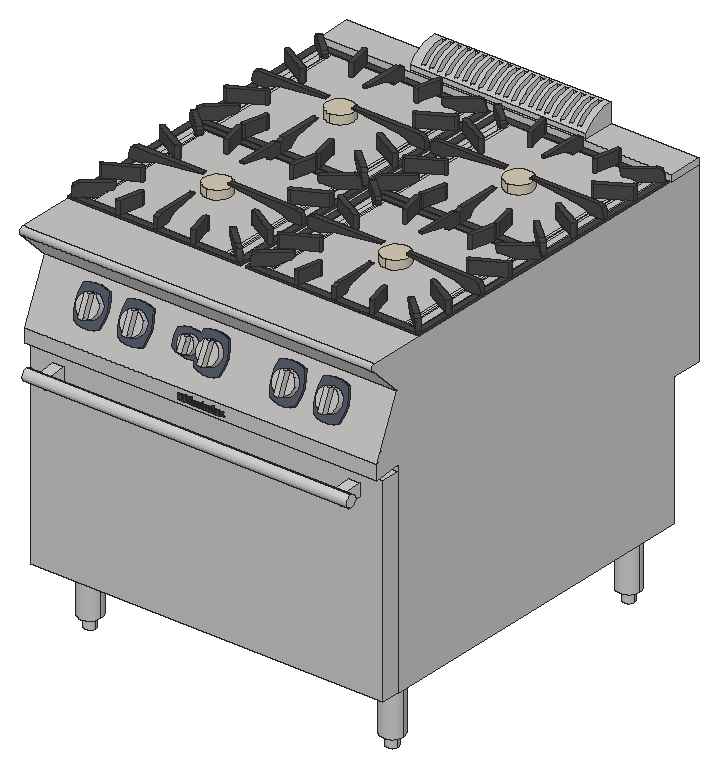
Revit family "QF_ELECTROLUXPROFESSIONAL_391577_E9AALTBBMEI", category Attrezzature speciali, Revit 2018
Family settings
  Quota connettore circolare = Usa diametro
  Tipo di parte = Normale
  Basato su piano di lavoro = No
  Sempre verticale = Sì
  Taglio con vuoti quando caricato = No
  Condiviso = No
  Punto di calcolo locali = No
Parameters (values of type "Standard")
  Weight = 155.00 kg
  Watts = 0 W
  Volts = 0 V
  URL Manufacturer = "https://www.electroluxprofessional.com/"
  URL = "https://www.electroluxprofessional.com/"
  Steam Supply Size = 0"
  Steam Supply Minimum Pressure = 0.00 psi
  Steam Supply Maximum Pressure = 0.00 psi
  Steam Consumption per Hour = 0
  Show Logo [instance] = yes
  Show Clearance [instance] = yes
  Refrigeration Suction Line Size = 0 mm
  Refrigeration Liquid Line Size = 0 mm
  Refrigerant Compressor Remote = yes
  Phase = 0
  Modello = "E9AALTBBMEI"
  Produttore = "Electrolux Professional"
  Length Actual = 800 mm  # constant formula
  Item Number = "391577"
  Hot Water Size = 0"
  Height Actual = 850 mm  # constant formula
  HP = "0 HP"
  Gas Size = 1/2"
  Gas KW = 48.5
  Gas Input Pressure = 1.6262 Btu/h
  Direct Waste Size = 0"
  Descrizione = "4-BURNER (10KW) GAS RANGE+OVEN 800MM - QMARK"
  Depth Actual = 930 mm  # constant formula
  Cycle = 0 Hz
  Condensate Return Size = 0"
  Compressed Air Volume = 0 GPM
  Compressed Air Size = 0"
  Compressed Air Pressure = 0.00 psi
  Cold Water Size = 0"
  Accessory = yes
Values of the unnamed type that differ from the named types
  Weight = 0.00 kg
  URL Manufacturer = ""
  Item Number = ""
  HP = ""
  Gas KW = 0
  Gas Input Pressure = 0.0 Btu/h
Reference planes
  plane 1 "BACK": y = 0
  plane 2: z = 0
  plane 3 "LEFT": x = 0
  plane 4 "RIGHT": x = 800.1
  plane 5 "FRONT": y = -930.275
  plane 6 "TOP": z = 908
  plane 7 "Center Y": x = 400.05
  plane 8 "Center X": y = -465.137
  plane 9: z = 149.225
  plane 10: z = 1397
  plane 11: y = -80.962
  plane 12: y = -914.4
  plane 13: z = 850
  plane 14: x = 56
  plane 15: y = -128
  plane 16: y = -801.687
  plane 17: y = -665.163
  plane 18: x = 744.1
Forms (mm)
  Extrusion 1, solid, material "QF_Finishes_Stainless Steel"
    sketch origin (0, 0, 0) x (0, 1, 0) y (0, 0, 1)
      loop
        line (0, 449.262) -> (0, 850) -> (-922.302, 850)
        arc (-922.302, 850) -> (-930.275, 844.673) -> (-928.404, 835.268) r 8.63
        line (-928.404, 835.268) -> (-859.069, 765.933) -> (-916.765, 640.576) -> (-916.765, 609.279) -> (-856.641, 613.975)
        arc (-856.641, 613.975) -> (-854.117, 613.227) -> (-853.025, 610.831) r 3.175
        line (-853.025, 610.831) -> (-853.025, 149.225) -> (-71.438, 149.225) -> (-71.437, 449.263) -> (0, 449.262)
    from 0 to 800.1
  Revolve 2, solid, material "QF_Finishes_Stainless Steel"
    sketch origin (0, -801.687, 611.731) x (0, 0, -1) y (1, 0, 0)
      loop
        line (462.506, 56) -> (462.506, 30.6) -> (586.331, 30.6) -> (586.331, 43.3) -> (611.731, 43.3) -> (611.731, 56) -> (462.506, 56)
      axis (611.731, 56) -> (462.506, 56)
    angle from 0 to 360
  Revolve 3, solid, material "QF_Finishes_Stainless Steel"
    sketch origin (799.662, -801.687, 611.731) x (0, 0, -1) y (1, 0, 0)
      loop
        line (462.506, -55.562) -> (611.731, -55.562) -> (611.731, -42.862) -> (586.331, -42.862) -> (586.331, -30.162) -> (462.506, -30.162) -> (462.506, -55.562)
      axis (611.731, -55.562) -> (462.506, -55.562)
    angle from 0 to 360
  Revolve 4, solid, material "QF_Finishes_Stainless Steel"
    sketch origin (799.662, -128.588, 611.731) x (0, 0, -1) y (1, 0, 0)
      loop
        line (462.506, -55.562) -> (611.731, -55.562) -> (611.731, -42.862) -> (586.331, -42.862) -> (586.331, -30.162) -> (462.506, -30.162) -> (462.506, -55.562)
      axis (611.731, -55.562) -> (462.506, -55.562)
    angle from 0 to 360
  Revolve 5, solid, material "QF_Finishes_Stainless Steel"
    sketch origin (111.125, -128.588, 611.731) x (0, 0, -1) y (1, 0, 0)
      loop
        line (462.506, -55.125) -> (611.731, -55.125) -> (611.731, -42.425) -> (586.331, -42.425) -> (586.331, -29.725) -> (462.506, -29.725) -> (462.506, -55.125)
      axis (611.731, -55.125) -> (462.506, -55.125)
    angle from 0 to 360
  Extrusion 6, solid, material "QF_Finishes_Stainless Steel"
    sketch origin (0, 0, 0) x (0, 1, 0) y (0, 0, 1)
      loop
        line (0, 850) -> (0, 864.288) -> (-76.2, 864.288) -> (-76.2, 850) -> (0, 850)
    from 0 to 800.1
  Extrusion 7, void
    sketch origin (-65.011, 0, 865.138) x (-1, 0, 0) y (0, -1, 0)
      loop
        line (-295.005, 6.761) -> (-285.709, 6.761) -> (-285.709, 63.911) -> (-295.005, 63.911) -> (-295.005, 6.761)
      loop
        line (-313.697, 6.761) -> (-304.401, 6.761) -> (-304.401, 63.911) -> (-313.697, 63.911) -> (-313.697, 6.761)
      loop
        line (-332.39, 6.761) -> (-323.094, 6.761) -> (-323.094, 63.911) -> (-332.39, 63.911) -> (-332.39, 6.761)
      loop
        line (-351.082, 6.761) -> (-341.787, 6.761) -> (-341.787, 63.911) -> (-351.082, 63.911) -> (-351.082, 6.761)
      loop
        line (-369.775, 6.761) -> (-360.479, 6.761) -> (-360.479, 63.911) -> (-369.775, 63.911) -> (-369.775, 6.761)
      loop
        line (-388.468, 6.761) -> (-379.172, 6.761) -> (-379.172, 63.911) -> (-388.468, 63.911) -> (-388.468, 6.761)
      loop
        line (-407.16, 6.761) -> (-397.864, 6.761) -> (-397.864, 63.911) -> (-407.16, 63.911) -> (-407.16, 6.761)
      loop
        line (-425.853, 6.761) -> (-416.557, 6.761) -> (-416.557, 63.911) -> (-425.853, 63.911) -> (-425.853, 6.761)
      loop
        line (-444.545, 6.761) -> (-435.25, 6.761) -> (-435.25, 63.911) -> (-444.545, 63.911) -> (-444.545, 6.761)
      loop
        line (-463.238, 6.761) -> (-453.942, 6.761) -> (-453.942, 63.911) -> (-463.238, 63.911) -> (-463.238, 6.761)
      loop
        line (-481.931, 6.761) -> (-472.635, 6.761) -> (-472.635, 63.911) -> (-481.931, 63.911) -> (-481.931, 6.761)
      loop
        line (-500.623, 6.761) -> (-491.328, 6.761) -> (-491.328, 63.911) -> (-500.623, 63.911) -> (-500.623, 6.761)
      loop
        line (-519.316, 6.761) -> (-510.02, 6.761) -> (-510.02, 63.911) -> (-519.316, 63.911) -> (-519.316, 6.761)
      loop
        line (-538.008, 6.761) -> (-528.713, 6.761) -> (-528.713, 63.911) -> (-538.008, 63.911) -> (-538.008, 6.761)
      loop
        line (-556.701, 6.761) -> (-547.405, 6.761) -> (-547.405, 63.911) -> (-556.701, 63.911) -> (-556.701, 6.761)
      loop
        line (-575.394, 6.761) -> (-566.098, 6.761) -> (-566.098, 63.911) -> (-575.394, 63.911) -> (-575.394, 6.761)
      loop
        line (-594.086, 6.761) -> (-584.791, 6.761) -> (-584.791, 63.911) -> (-594.086, 63.911) -> (-594.086, 6.761)
      loop
        line (-612.779, 6.761) -> (-603.483, 6.761) -> (-603.483, 63.911) -> (-612.779, 63.911) -> (-612.779, 6.761)
      loop
        line (-631.472, 6.761) -> (-622.176, 6.761) -> (-622.176, 63.911) -> (-631.472, 63.911) -> (-631.472, 6.761)
      loop
        line (-650.164, 6.761) -> (-640.868, 6.761) -> (-640.868, 63.911) -> (-650.164, 63.911) -> (-650.164, 6.761)
    from 9.525 to 45.348
  Extrusion 8, solid, material "QF_Finishes_Stainless Steel"
    sketch origin (400.05, 175.397, 1219.2) x (0, 1, 0) y (0, 0, 1)
      loop
        line (-175.397, -354.912) -> (-175.397, -311.2)
        arc (-175.397, -311.2) -> (-214.469, -319.821) -> (-245.247, -345.387) r 84.854
        line (-245.247, -345.387) -> (-245.247, -354.912) -> (-175.397, -354.912)
    from -200.05 to 199.95
  Extrusion 9, solid, material "QF_Finishes_Navy Blue"
    sketch origin (0, -890.928, 697.612) x (0, -0.418102, -0.9084) y (1, 0, 0)
      loop
        arc (-53.776, 198.651) -> (-18.194, 191.027) -> (17.514, 198.034) r 90.5
        arc (17.514, 198.034) -> (24.34, 227.222) -> (17.514, 256.409) r 65.817
        arc (17.514, 256.409) -> (-18.193, 263.369) -> (-53.776, 255.797) r 91.066
        arc (-53.776, 255.797) -> (-60.332, 227.224) -> (-53.776, 198.651) r 65.546
      loop
        arc (-53.776, 98.651) -> (-18.194, 91.027) -> (17.514, 98.034) r 90.5
        arc (17.514, 98.034) -> (24.34, 127.222) -> (17.514, 156.409) r 65.817
        arc (17.514, 156.409) -> (-18.193, 163.369) -> (-53.776, 155.797) r 91.066
        arc (-53.776, 155.797) -> (-60.332, 127.224) -> (-53.776, 98.651) r 65.546
      loop
        arc (-53.776, 601.786) -> (-60.332, 573.214) -> (-53.776, 544.641) r 65.546
        arc (-53.776, 544.641) -> (-18.193, 537.068) -> (17.514, 544.028) r 91.066
        arc (17.514, 544.028) -> (24.34, 573.216) -> (17.514, 602.404) r 65.817
        arc (17.514, 602.404) -> (-18.194, 609.411) -> (-53.776, 601.786) r 90.5
      loop
        arc (-53.776, 701.786) -> (-60.332, 673.214) -> (-53.776, 644.641) r 65.546
        arc (-53.776, 644.641) -> (-18.193, 637.068) -> (17.514, 644.028) r 91.066
        arc (17.514, 644.028) -> (24.34, 673.216) -> (17.514, 702.404) r 65.817
        arc (17.514, 702.404) -> (-18.194, 709.411) -> (-53.776, 701.786) r 90.5
      loop
        arc (-40.159, 316.707) -> (-21.848, 313.911) -> (-3.351, 314.901) r 90.5
        arc (-3.351, 314.901) -> (6.915, 339.94) -> (6.238, 366.994) r 65.817
        arc (6.238, 366.994) -> (11.94, 368.741) -> (17.514, 370.86) r 90.5
        arc (17.514, 370.86) -> (24.34, 400.048) -> (17.514, 429.235) r 65.817
        arc (17.514, 429.235) -> (-18.193, 436.195) -> (-53.776, 428.623) r 91.066
        arc (-53.776, 428.623) -> (-60.332, 400.05) -> (-53.776, 371.477) r 65.546
        arc (-53.776, 371.477) -> (-49.379, 369.684) -> (-44.894, 368.124) r 90.5
        arc (-44.894, 368.124) -> (-47.802, 341.929) -> (-40.159, 316.707) r 65.546
    from 0 to 3.175
  Extrusion 10, solid, material "QF_Finishes_Stainless Steel"
    sketch origin (0, -893.812, 698.94) x (0, -0.418102, -0.9084) y (1, 0, 0)
      loop
        circle (-18.131, 227.457) r 25.4
      loop
        circle (-18.131, 127.457) r 25.4
      loop
        circle (-18.131, 572.543) r 25.4
      loop
        circle (-18.131, 672.543) r 25.4
      loop
        circle (-18.131, 349.957) r 19.05
      loop
        circle (-18.131, 400.05) r 25.4
    from 0 to 12.7
  Extrusion 11, solid, material "QF_Finishes_Stainless Steel"
    sketch origin (0, -905.349, 704.25) x (0, -0.418102, -0.9084) y (1, 0, 0)
      loop
        arc (-42.863, 233.243) -> (-43.531, 227.457) -> (-42.863, 221.671) r 25.4
        line (-42.863, 221.671) -> (6.601, 221.671)
        arc (6.601, 221.671) -> (7.269, 227.457) -> (6.601, 233.243) r 25.4
        line (6.601, 233.243) -> (-42.863, 233.243)
      loop
        arc (-42.863, 133.243) -> (-43.531, 127.457) -> (-42.863, 121.671) r 25.4
        line (-42.863, 121.671) -> (6.601, 121.671)
        arc (6.601, 121.671) -> (7.269, 127.457) -> (6.601, 133.243) r 25.4
        line (6.601, 133.243) -> (-42.863, 133.243)
      loop
        arc (-34.426, 356.459) -> (-35.24, 350.69) -> (-34.719, 344.887) r 25.4
        line (-34.719, 344.887) -> (-2.956, 344.887)
        arc (-2.956, 344.887) -> (-2.067, 350.647) -> (-2.515, 356.459) r 25.4
        line (-2.515, 356.459) -> (-34.426, 356.459)
      loop
        arc (-42.863, 579.675) -> (-43.531, 573.889) -> (-42.863, 568.102) r 25.4
        line (-42.863, 568.102) -> (6.601, 568.102)
        arc (6.601, 568.102) -> (7.269, 573.889) -> (6.601, 579.675) r 25.4
        line (6.601, 579.675) -> (-42.863, 579.675)
      loop
        arc (-42.863, 679.675) -> (-43.531, 673.889) -> (-42.863, 668.102) r 25.4
        line (-42.863, 668.102) -> (6.601, 668.102)
        arc (6.601, 668.102) -> (7.269, 673.889) -> (6.601, 679.675) r 25.4
        line (6.601, 679.675) -> (-42.863, 679.675)
      loop
        arc (-42.863, 405.836) -> (-43.531, 400.05) -> (-42.863, 394.264) r 25.4
        line (-42.863, 394.264) -> (6.601, 394.264)
        arc (6.601, 394.264) -> (7.269, 400.05) -> (6.601, 405.836) r 25.4
        line (6.601, 405.836) -> (-42.863, 405.836)
    from 0 to 12.7
  Extrusion 12, solid, material "QF_Finishes_Navy Blue", visible <- "Show Logo"
    sketch origin (0, -916.765, 609.279) x (0, 0, 1) y (-1, 0, 0)
      loop
        line (21.268, -357.807) -> (8.901, -357.807)
        arc (8.901, -357.807) -> (15.085, -362.379) -> (21.268, -357.807) r 6.467
      loop
        arc (21.268, -357.178) -> (20.099, -352.035) -> (15.443, -349.557) r 6.338
        line (15.443, -349.557) -> (15.443, -351.603)
        arc (15.443, -351.603) -> (16.927, -355.258) -> (20.372, -357.178) r 5.941
        line (20.372, -357.178) -> (21.268, -357.178)
      loop
        arc (9.797, -357.178) -> (13.242, -355.258) -> (14.726, -351.603) r 5.941
        line (14.726, -351.603) -> (14.726, -349.557)
        arc (14.726, -349.557) -> (10.032, -352.031) -> (8.742, -357.178) r 6.504
        line (8.742, -357.178) -> (9.797, -357.178)
      loop
        line (21.943, -349.088) -> (8.198, -349.088) -> (8.198, -362.851) -> (21.943, -362.851) -> (21.943, -349.088)
      loop
        arc (22.026, -365.819) -> (21.679, -365.461) -> (21.312, -365.799) r 0.358
        arc (21.312, -365.799) -> (20.997, -366.549) -> (20.281, -366.934) r 1.216
        line (20.281, -366.934) -> (9.868, -366.934)
        arc (9.868, -366.934) -> (9.208, -366.657) -> (8.812, -366.06) r 1.238
        arc (8.812, -366.06) -> (8.417, -365.809) -> (8.112, -366.163) r 0.358
        line (8.112, -366.163) -> (8.112, -376.042) -> (10.863, -376.042) -> (10.863, -375.145)
        arc (10.863, -375.145) -> (9.954, -374.565) -> (9.498, -373.588) r 1.928
        line (9.498, -373.588) -> (9.498, -371.089)
        arc (9.498, -371.089) -> (9.774, -370.36) -> (10.462, -369.996) r 1.101
        line (10.462, -369.996) -> (14.549, -369.996) -> (14.549, -373.67)
        arc (14.549, -373.67) -> (14.196, -374.167) -> (13.631, -374.395) r 1.083
        arc (13.631, -374.395) -> (13.367, -374.7) -> (13.659, -374.978) r 0.292
        line (13.659, -374.978) -> (16.621, -374.978)
        arc (16.621, -374.978) -> (16.924, -374.705) -> (16.686, -374.375) r 0.305
        arc (16.686, -374.375) -> (16.195, -374.127) -> (15.89, -373.67) r 1.083
        line (15.89, -373.67) -> (15.89, -369.996) -> (20.567, -369.996) -> (20.567, -373.744)
        arc (20.567, -373.744) -> (20.353, -374.499) -> (19.747, -374.997) r 1.314
        arc (19.747, -374.997) -> (19.527, -375.401) -> (19.882, -375.694) r 0.361
        line (19.882, -375.694) -> (22.026, -375.694) -> (22.026, -365.819)
      loop
        arc (21.309, -376.474) -> (20.928, -377.393) -> (20.01, -377.773) r 1.299
        line (20.01, -377.773) -> (10.431, -377.773)
        arc (10.431, -377.773) -> (9.593, -377.395) -> (9.321, -376.517) r 1.118
        line (9.321, -376.517) -> (8.112, -376.517) -> (8.112, -381.867) -> (9.3, -381.867)
        arc (9.3, -381.867) -> (9.572, -380.95) -> (10.442, -380.554) r 1.153
        line (10.442, -380.554) -> (22.514, -380.554) -> (21.309, -376.474)
      loop
        line (13.077, -384.503) -> (13.077, -390.951) -> (13.876, -390.951)
        arc (13.876, -390.951) -> (16.456, -389.966) -> (17.725, -387.513) r 3.874
        line (17.725, -387.513) -> (17.725, -385.752)
        arc (17.725, -385.752) -> (16.538, -382.887) -> (13.674, -381.701) r 4.051
        line (13.674, -381.701) -> (11.666, -381.701)
        arc (11.666, -381.701) -> (8.847, -383.186) -> (7.795, -386.193) r 4.352
        arc (7.795, -386.193) -> (8.16, -388.656) -> (9.537, -390.73) r 5.713
        line (9.537, -390.73) -> (10.486, -390.73)
        arc (10.486, -390.73) -> (9.754, -389.161) -> (9.537, -387.443) r 5.579
        arc (9.537, -387.443) -> (10.331, -385.48) -> (12.21, -384.503) r 3.057
        line (12.21, -384.503) -> (13.077, -384.503)
      loop
        line (14.336, -384.503) -> (14.336, -388.085)
        arc (14.336, -388.085) -> (15.793, -388.133) -> (16.676, -386.973) r 1.59
        line (16.676, -386.973) -> (16.676, -386.143)
        arc (16.676, -386.143) -> (15.811, -384.888) -> (14.336, -384.503) r 2.184
      loop
        arc (17.127, -400.368) -> (17.616, -398.694) -> (17.773, -396.957) r 9.023
        line (17.773, -396.957) -> (17.773, -395.595)
        arc (17.773, -395.595) -> (16.614, -392.795) -> (13.814, -391.636) r 3.959
        line (13.814, -391.636) -> (11.214, -391.636)
        arc (11.214, -391.636) -> (8.932, -392.928) -> (7.815, -395.301) r 4.331
        line (7.815, -395.301) -> (7.815, -397.436)
        arc (7.815, -397.436) -> (8.323, -398.986) -> (9.245, -400.332) r 5.772
        arc (9.245, -400.332) -> (10.006, -400.383) -> (10.093, -399.624) r 0.553
        arc (10.093, -399.624) -> (9.705, -398.89) -> (9.571, -398.071) r 2.573
        line (9.571, -398.071) -> (9.571, -396.556)
        arc (9.571, -396.556) -> (10.577, -394.915) -> (12.392, -394.272) r 2.884
        line (12.392, -394.272) -> (13.67, -394.272)
        arc (13.67, -394.272) -> (15.492, -394.832) -> (16.418, -396.497) r 2.554
        line (16.418, -396.497) -> (16.418, -397.55)
        arc (16.418, -397.55) -> (16.087, -398.478) -> (15.43, -399.213) r 2.564
        arc (15.43, -399.213) -> (15.208, -399.93) -> (15.817, -400.368) r 0.643
        line (15.817, -400.368) -> (17.127, -400.368)
      loop
        line (16.109, -400.638) -> (16.109, -402.139) -> (10.061, -402.139)
        arc (10.061, -402.139) -> (8.473, -402.797) -> (7.815, -404.385) r 2.246
        line (7.815, -404.385) -> (7.815, -405.969)
        arc (7.815, -405.969) -> (8.129, -406.834) -> (8.629, -407.605) r 4.06
        arc (8.629, -407.605) -> (9.362, -407.738) -> (9.613, -407.037) r 0.576
        arc (9.613, -407.037) -> (9.507, -406.512) -> (9.571, -405.979) r 1.69
        arc (9.571, -405.979) -> (10.113, -405.191) -> (11.019, -404.888) r 1.506
        line (11.019, -404.888) -> (16.157, -404.888) -> (16.157, -407.285) -> (16.713, -407.842) -> (17.535, -407.842) -> (17.535, -404.982) -> (20.766, -404.982) -> (16.109, -400.638)
      loop
        line (8.032, -408.739) -> (8.032, -414.126) -> (9.142, -414.126)
        arc (9.142, -414.126) -> (9.536, -413.175) -> (10.487, -412.781) r 1.345
        line (10.487, -412.781) -> (14.103, -412.781)
        arc (14.103, -412.781) -> (14.868, -413.373) -> (15.157, -414.295) r 1.615
        line (15.157, -414.295) -> (15.157, -415.851) -> (17.713, -416.536) -> (17.713, -415.153) -> (15.771, -412.594) -> (17.651, -412.594) -> (17.367, -409.888)
        arc (17.367, -409.888) -> (16.927, -409.358) -> (16.268, -409.559) r 0.621
        arc (16.268, -409.559) -> (15.868, -409.901) -> (15.374, -410.084) r 1.501
        line (15.374, -410.084) -> (10.487, -410.084)
        arc (10.487, -410.084) -> (9.536, -409.69) -> (9.142, -408.739) r 1.345
        line (9.142, -408.739) -> (8.032, -408.739)
      loop
        line (14.134, -416.073) -> (11.442, -416.073)
        arc (11.442, -416.073) -> (8.996, -417.381) -> (7.863, -419.912) r 4.288
        arc (7.863, -419.912) -> (7.799, -421.292) -> (7.863, -422.672) r 15.022
        arc (7.863, -422.672) -> (8.996, -425.203) -> (11.442, -426.51) r 4.288
        line (11.442, -426.51) -> (14.134, -426.51)
        arc (14.134, -426.51) -> (16.579, -425.203) -> (17.713, -422.672) r 4.288
        arc (17.713, -422.672) -> (17.777, -421.292) -> (17.713, -419.912) r 15.022
        arc (17.713, -419.912) -> (16.579, -417.381) -> (14.134, -416.073) r 4.288
      loop
        line (14.339, -419.187) -> (11.237, -419.187)
        arc (11.237, -419.187) -> (9.08, -421.344) -> (11.237, -423.501) r 2.157
        line (11.237, -423.501) -> (14.339, -423.501)
        arc (14.339, -423.501) -> (16.496, -421.344) -> (14.339, -419.187) r 2.157
      loop
        arc (21.32, -426.369) -> (20.949, -427.263) -> (20.055, -427.633) r 1.264
        line (20.055, -427.633) -> (10.191, -427.633)
        arc (10.191, -427.633) -> (9.321, -427.236) -> (9.049, -426.32) r 1.153
        line (9.049, -426.32) -> (8.112, -426.32) -> (8.112, -431.428) -> (9.04, -431.428)
        arc (9.04, -431.428) -> (9.399, -430.656) -> (10.191, -430.341) r 1.153
        line (10.191, -430.341) -> (22.514, -430.341) -> (21.32, -426.369)
      loop
        arc (16.44, -430.966) -> (16.241, -432.03) -> (15.272, -432.512) r 1.215
        line (15.272, -432.512) -> (10.252, -432.512)
        arc (10.252, -432.512) -> (8.637, -433.16) -> (7.916, -434.743) r 2.338
        line (7.916, -434.743) -> (7.916, -436.257)
        arc (7.916, -436.257) -> (8.091, -437.261) -> (8.593, -438.147) r 2.979
        line (8.593, -438.147) -> (8.112, -439.944) -> (8.112, -441.633) -> (17.537, -441.633) -> (17.243, -437.429) -> (16.457, -437.429)
        arc (16.457, -437.429) -> (16.101, -438.265) -> (15.349, -438.774) r 1.605
        line (15.349, -438.774) -> (10.246, -438.774)
        arc (10.246, -438.774) -> (9.826, -437.837) -> (9.753, -436.813) r 2.94
        arc (9.753, -436.813) -> (10.314, -435.712) -> (11.467, -435.269) r 1.724
        line (11.467, -435.269) -> (17.664, -435.269) -> (16.44, -430.966)
      loop
        line (17.468, -442.486) -> (15.796, -444.532) -> (12.622, -446.838) -> (9.166, -443.726)
        arc (9.166, -443.726) -> (8.928, -443.332) -> (8.951, -442.873) r 0.789
        line (8.951, -442.873) -> (8.112, -442.873) -> (8.112, -446.418) -> (8.938, -446.418)
        arc (8.938, -446.418) -> (9.28, -446.056) -> (9.77, -446.148) r 0.52
        line (9.77, -446.148) -> (11.57, -447.619) -> (9.452, -448.995)
        arc (9.452, -448.995) -> (9.051, -448.685) -> (8.964, -448.185) r 0.7
        line (8.964, -448.185) -> (8.112, -448.185) -> (8.112, -454.112) -> (8.998, -454.112)
        arc (8.998, -454.112) -> (9.065, -453.453) -> (9.46, -452.922) r 1.247
        line (9.46, -452.922) -> (13.66, -449.641) -> (16.107, -451.694) -> (17.468, -453.436) -> (17.468, -449.713) -> (15.983, -450.135) -> (14.462, -448.858) -> (16.162, -447.668) -> (17.468, -448.445) -> (17.468, -442.486)
    from 0 to 1.644
  Extrusion 13, solid, material "QF_Finishes_Stainless Steel"
    sketch origin (0, -853.025, 610.831) x (0, 0, -1) y (1, 0, 0)
      loop
        line (460.831, 0) -> (460.831, 800) -> (9.61, 800) -> (9.61, 0) -> (460.831, 0)
    from 3.175 to 46.663
  Extrusion 14, solid, material "QF_Finishes_Handrails and Railings"
    sketch origin (50.8, -1053.827, 150) x (0, 0, 1) y (0, 1, 0)
      loop
        circle (420.409, 103.146) r 12.7
    from 19.875 to -718.375
  Extrusion 15, solid, material "QF_Finishes_Handrails and Railings"
    sketch origin (800, -1053.827, 150) x (0, 0, 1) y (0, -1, 0)
      loop
        line (429.101, -153.025) -> (426.396, -114.347)
        arc (426.396, -114.347) -> (412.589, -113.153) -> (408.093, -100.044) r 12.7
        arc (408.093, -100.044) -> (407.276, -100.585) -> (406.501, -101.183) r 13.441
        arc (406.501, -101.183) -> (405.055, -102.989) -> (404.435, -105.216) r 5.77
        line (404.435, -105.216) -> (401.092, -153.025) -> (429.101, -153.025)
    from -50.7 to -76.1
  Extrusion 16, solid, material "QF_Finishes_Handrails and Railings"
    sketch origin (0.1, -1053.827, 150) x (0, 0, 1) y (0, 1, 0)
      loop
        line (429.101, 153.025) -> (401.092, 153.025) -> (404.435, 105.216)
        arc (404.435, 105.216) -> (405.055, 102.989) -> (406.501, 101.183) r 5.77
        arc (406.501, 101.183) -> (407.276, 100.585) -> (408.093, 100.044) r 13.441
        arc (408.093, 100.044) -> (412.589, 113.153) -> (426.396, 114.347) r 12.7
        line (426.396, 114.347) -> (429.101, 153.025)
    from -50.7 to -76.1
  Extrusion 17, solid, material "QF_Door-Drawer Clearances", visible <- "Show Clearance", detail levels coarse
    sketch origin (800, -853.025, 150) x (0, 0, 1) y (0, -1, 0)
      loop
        arc (451.218, 46.663) -> (319.059, 365.722) -> (0, 497.881) r 451.218
        line (0, 497.881) -> (0, 46.663) -> (451.218, 46.663)
    from 0 to -800
  Extrusion 18, solid, material "QF_Finishes_Stainless Steel"
    sketch origin (0, -853.025, 149.225) x (1, 0, 0) y (0, -1, 0)
      loop
        circle (749.3, -187.862) r 6.4
      loop
        circle (757.1, -277.025) r 6.4
    from 0 to 20.638
  Extrusion 19, solid, material "QF_Clearances", visible <- "Show Clearance", detail levels coarse
    sketch origin (0, 0, 0) x (1, 0, 0) y (0, 1, 0)
      loop
        line (-100.013, -930.275) -> (0, -930.275) -> (0, 0) -> (800.1, 0) -> (800.1, -930.275) -> (900.113, -930.275) -> (900.113, 100.013) -> (-100.013, 100.013) -> (-100.013, -930.275)
    from 0 to 908
Cuts and joins
  Extrusion 7 cuts Extrusion 8
Lines and regions (mm)
  symbolic lines, style "QF_Clearances", visible <- "Show Clearance", detail levels coarse
    curve 1: line (-100.013, -930.275, 0) -> (-100.012, 100.013, 0)
    curve 2: line (-100.013, 100.013, 0) -> (900.113, 100.013, 0)
    curve 3: line (900.113, 100.013, 0) -> (900.113, -929.879, 0)
  symbolic lines
    curve 4: line (0, 0, 0) -> (800.1, 0, 0)
    curve 5: line (800.1, 0, 0) -> (800.1, -930.275, 0)
    curve 6: line (0, -930.275, 0) -> (0, 0, 0)
    curve 7: line (0, -76.2, 0) -> (800.1, -76.2, 0)
    curve 8: line (0, -930.275, 0) -> (800.1, -930.275, 0)
    curve 12: line (769.175, -963.381, 0) -> (30.925, -963.381, 0)
    curve 13: line (30.925, -963.381, 0) -> (30.925, -937.981, 0)
    curve 14: line (769.175, -963.381, 0) -> (769.175, -937.981, 0)
    curve 15: line (769.175, -937.981, 0) -> (749.3, -937.981, 0)
    curve 16: line (749.3, -953.783, 0) -> (749.3, -930.275, 0)
    curve 17: line (723.9, -953.783, 0) -> (723.9, -930.275, 0)
    curve 18: line (723.9, -937.981, 0) -> (76.2, -937.981, 0)
    curve 19: line (30.925, -937.981, 0) -> (50.8, -937.981, 0)
    curve 20: line (50.8, -930.275, 0) -> (50.8, -953.783, 0)
    curve 21: line (50.8, -953.783, 0) -> (76.2, -953.783, 0)
    curve 22: line (76.2, -953.783, 0) -> (76.2, -930.275, 0)
    curve 23: line (749.3, -953.783, 0) -> (723.9, -953.783, 0)
    curve 24: line (200, -69.85, 0) -> (200, 0, 0)
    curve 25: line (200, -69.85, 0) -> (600, -69.85, 0)
    curve 26: line (600, -69.85, 0) -> (600, 0, 0)
    curve 27: line (585.153, -6.761, 0) -> (585.153, -63.911, 0)
    curve 28: line (585.153, -63.911, 0) -> (575.857, -63.911, 0)
    curve 29: line (575.857, -63.911, 0) -> (575.857, -6.761, 0)
    curve 30: line (575.857, -6.761, 0) -> (585.153, -6.761, 0)
    curve 31: line (566.461, -6.761, 0) -> (566.461, -63.911, 0)
    curve 32: line (566.461, -63.911, 0) -> (557.165, -63.911, 0)
    curve 33: line (557.165, -63.911, 0) -> (557.165, -6.761, 0)
    curve 34: line (557.165, -6.761, 0) -> (566.461, -6.761, 0)
    curve 35: line (547.768, -6.761, 0) -> (547.768, -63.911, 0)
    curve 36: line (547.768, -63.911, 0) -> (538.472, -63.911, 0)
    curve 37: line (538.472, -63.911, 0) -> (538.472, -6.761, 0)
    curve 38: line (538.472, -6.761, 0) -> (547.768, -6.761, 0)
    curve 39: line (529.075, -6.761, 0) -> (529.075, -63.911, 0)
    curve 40: line (529.075, -63.911, 0) -> (519.78, -63.911, 0)
    curve 41: line (519.78, -63.911, 0) -> (519.78, -6.761, 0)
    curve 42: line (519.78, -6.761, 0) -> (529.075, -6.761, 0)
    curve 43: line (510.383, -6.761, 0) -> (510.383, -63.911, 0)
    curve 44: line (510.383, -63.911, 0) -> (501.087, -63.911, 0)
    curve 45: line (501.087, -63.911, 0) -> (501.087, -6.761, 0)
    curve 46: line (501.087, -6.761, 0) -> (510.383, -6.761, 0)
    curve 47: line (491.69, -6.761, 0) -> (491.69, -63.911, 0)
    curve 48: line (491.69, -63.911, 0) -> (482.394, -63.911, 0)
    curve 49: line (482.394, -63.911, 0) -> (482.394, -6.761, 0)
    curve 50: line (482.394, -6.761, 0) -> (491.69, -6.761, 0)
    curve 51: line (472.998, -6.761, 0) -> (472.998, -63.911, 0)
    curve 52: line (472.998, -63.911, 0) -> (463.702, -63.911, 0)
    curve 53: line (463.702, -63.911, 0) -> (463.702, -6.761, 0)
    curve 54: line (463.702, -6.761, 0) -> (472.998, -6.761, 0)
    curve 55: line (454.305, -6.761, 0) -> (454.305, -63.911, 0)
    curve 56: line (454.305, -63.911, 0) -> (445.009, -63.911, 0)
    curve 57: line (445.009, -63.911, 0) -> (445.009, -6.761, 0)
    curve 58: line (445.009, -6.761, 0) -> (454.305, -6.761, 0)
    curve 59: line (435.612, -6.761, 0) -> (435.612, -63.911, 0)
    curve 60: line (435.612, -63.911, 0) -> (426.317, -63.911, 0)
    curve 61: line (426.317, -63.911, 0) -> (426.317, -6.761, 0)
    curve 62: line (426.317, -6.761, 0) -> (435.612, -6.761, 0)
    curve 63: line (416.92, -6.761, 0) -> (416.92, -63.911, 0)
    curve 64: line (416.92, -63.911, 0) -> (407.624, -63.911, 0)
    curve 65: line (407.624, -63.911, 0) -> (407.624, -6.761, 0)
    curve 66: line (407.624, -6.761, 0) -> (416.92, -6.761, 0)
    curve 67: line (398.227, -6.761, 0) -> (398.227, -63.911, 0)
    curve 68: line (398.227, -63.911, 0) -> (388.931, -63.911, 0)
    curve 69: line (388.931, -63.911, 0) -> (388.931, -6.761, 0)
    curve 70: line (388.931, -6.761, 0) -> (398.227, -6.761, 0)
    curve 71: line (379.534, -6.761, 0) -> (379.534, -63.911, 0)
    curve 72: line (379.534, -63.911, 0) -> (370.239, -63.911, 0)
    curve 73: line (370.239, -63.911, 0) -> (370.239, -6.761, 0)
    curve 74: line (370.239, -6.761, 0) -> (379.534, -6.761, 0)
    curve 75: line (360.842, -6.761, 0) -> (360.842, -63.911, 0)
    curve 76: line (360.842, -63.911, 0) -> (351.546, -63.911, 0)
    curve 77: line (351.546, -63.911, 0) -> (351.546, -6.761, 0)
    curve 78: line (351.546, -6.761, 0) -> (360.842, -6.761, 0)
    curve 79: line (342.149, -6.761, 0) -> (342.149, -63.911, 0)
    curve 80: line (342.149, -63.911, 0) -> (332.854, -63.911, 0)
    curve 81: line (332.854, -63.911, 0) -> (332.854, -6.761, 0)
    curve 82: line (332.854, -6.761, 0) -> (342.149, -6.761, 0)
    curve 83: line (323.457, -6.761, 0) -> (323.457, -63.911, 0)
    curve 84: line (323.457, -63.911, 0) -> (314.161, -63.911, 0)
    curve 85: line (314.161, -63.911, 0) -> (314.161, -6.761, 0)
    curve 86: line (314.161, -6.761, 0) -> (323.457, -6.761, 0)
    curve 87: line (304.764, -6.761, 0) -> (304.764, -63.911, 0)
    curve 88: line (304.764, -63.911, 0) -> (295.468, -63.911, 0)
    curve 89: line (295.468, -63.911, 0) -> (295.468, -6.761, 0)
    curve 90: line (295.468, -6.761, 0) -> (304.764, -6.761, 0)
    curve 91: line (286.071, -6.761, 0) -> (286.071, -63.911, 0)
    curve 92: line (286.071, -63.911, 0) -> (276.776, -63.911, 0)
    curve 93: line (276.776, -63.911, 0) -> (276.776, -6.761, 0)
    curve 94: line (276.776, -6.761, 0) -> (286.071, -6.761, 0)
    curve 95: line (267.379, -6.761, 0) -> (267.379, -63.911, 0)
    curve 96: line (267.379, -63.911, 0) -> (258.083, -63.911, 0)
    curve 97: line (258.083, -63.911, 0) -> (258.083, -6.761, 0)
    curve 98: line (258.083, -6.761, 0) -> (267.379, -6.761, 0)
    curve 99: line (248.686, -6.761, 0) -> (248.686, -63.911, 0)
    curve 100: line (248.686, -63.911, 0) -> (239.39, -63.911, 0)
    curve 101: line (239.39, -63.911, 0) -> (239.39, -6.761, 0)
    curve 102: line (239.39, -6.761, 0) -> (248.686, -6.761, 0)
    curve 103: line (229.994, -6.761, 0) -> (229.994, -63.911, 0)
    curve 104: line (229.994, -63.911, 0) -> (220.698, -63.911, 0)
    curve 105: line (220.698, -63.911, 0) -> (220.698, -6.761, 0)
    curve 106: line (220.698, -6.761, 0) -> (229.994, -6.761, 0)
  symbolic lines, style "QF_Door-Drawer Clearances"
    curve 9: line (0, -1350.905, 0) -> (800, -1350.905, 0)
    curve 10: line (800, -1350.905, 0) -> (800, -930.905, 0)
    curve 11: line (0, -1350.905, 0) -> (0, -930.275, 0)
Dimensions and locks
  equal spacing: plane 3 "LEFT", plane 7 "Center Y", plane 4 "RIGHT"
  plane 3 "LEFT" to plane 4 "RIGHT" = 800.1 mm
  equal spacing: plane 5 "FRONT", plane 8 "Center X", plane 1 "BACK"
  plane 5 "FRONT" to plane 1 "BACK" = 930.275 mm  (x2)
  plane 6 "TOP" to plane 2 = 908 mm
  plane 9 to plane 2 = 149.225 mm  (x2)
  plane 10 to plane 6 "TOP" = 489 mm
  plane 10 to plane 2 = 1397 mm
  plane 10 to plane 9 = 1247.775 mm
  plane 6 "TOP" to plane 13 = 58 mm
  plane 13 to plane 2 = 850 mm  (x2)
  plane 3 "LEFT" to plane 14 = 56 mm
  plane 15 to plane 1 "BACK" = 128 mm
  plane 16 to plane 15 = 673.688 mm
  Extrusion 1 sketch curve to plane 1 "BACK" = 71.438 mm
  Extrusion 1 sketch curve to plane 9 = 300.038 mm
  Extrusion 18 sketch curve to plane 4 "RIGHT" = 50.8 mm
  Extrusion 18 sketch curve to plane 1 "BACK" = 665.163 mm
  Extrusion 18 to plane 2 = 128.588 mm
  Extrusion 1 to plane 1 "BACK" = 71.438 mm
  Extrusion 17 to plane 16 = 98 mm
  plane 17 to plane 1 "BACK" = 665.163 mm
  Extrusion 17 to plane 1 "BACK" = 899.687 mm
  Extrusion 18 sketch curve to plane 1 "BACK" = 576 mm
  Extrusion 18 sketch curve to plane 4 "RIGHT" = 43 mm
  plane 14 to plane 18 to plane 4 "RIGHT" = 688.1 mm, 56 mm
  aligned and locked: level to plane 2
  aligned and locked: Extrusion 1 to plane 4 "RIGHT"
  aligned and locked: plane 16 to Revolve 2
  aligned and locked: Extrusion 6 to plane 4 "RIGHT"
  aligned and locked: Extrusion 17 to Extrusion 13
  aligned and locked: plane 6 "TOP" to Extrusion 19
Automatic sketch dimensions
  Extrusion 1 sketch curve to plane 13 = 0 mm
  Extrusion 1 sketch curve to plane 9 = 0 mm
  Extrusion 1 sketch curve to plane 1 "BACK" = 0 mm
  plane 16 to Extrusion 1 sketch curve = 51.337 mm
  Extrusion 1 sketch curve to Extrusion 1 sketch curve = 3.175 mm
  Extrusion 1 sketch curve to Extrusion 1 sketch curve = 0.442 mm
  Extrusion 1 sketch curve to plane 12 = 55.331 mm
  plane 12 to Extrusion 1 sketch curve = 2.365 mm
  plane 12 to Extrusion 1 sketch curve = 7.902 mm
  Extrusion 1 sketch curve to plane 5 "FRONT" = 1.871 mm
  Extrusion 1 sketch curve to plane 13 = 240.721 mm
  Extrusion 1 sketch curve to Extrusion 1 sketch curve = 1.552 mm
  Extrusion 1 sketch curve to Extrusion 1 sketch curve = 31.298 mm
  Extrusion 1 sketch curve to plane 13 = 84.067 mm
  Extrusion 1 sketch curve to plane 13 = 14.732 mm
  plane 14 to Revolve 2 sketch curve = 0 mm  (x2)
  Revolve 2 sketch curve to plane 9 = 0 mm
  Revolve 2 sketch curve to level = 0 mm
  Revolve 2 sketch curve to Revolve 2 sketch curve = 32.525 mm
  Revolve 2 sketch curve to Revolve 2 sketch curve = 50.8 mm
  level to Revolve 2 sketch curve = 25.4 mm
  Revolve 2 sketch curve to Revolve 2 sketch curve = 12.7 mm  (x2)
  Revolve 3 sketch curve to plane 9 = 0 mm
  Revolve 3 sketch curve to level = 0 mm
  Revolve 3 sketch curve to Revolve 3 sketch curve = 32.525 mm
  Revolve 3 sketch curve to Revolve 3 sketch curve = 50.8 mm
  level to Revolve 3 sketch curve = 25.4 mm
  Revolve 3 sketch curve to Revolve 3 sketch curve = 12.7 mm
  Revolve 3 sketch curve to Revolve 3 sketch curve = 25.4 mm
  Revolve 4 sketch curve to plane 9 = 0 mm
  Revolve 4 sketch curve to level = 0 mm
  Revolve 4 sketch curve to Revolve 4 sketch curve = 32.525 mm
  Revolve 4 sketch curve to Revolve 4 sketch curve = 50.8 mm
  level to Revolve 4 sketch curve = 25.4 mm
  Revolve 4 sketch curve to Revolve 4 sketch curve = 12.7 mm
  Revolve 4 sketch curve to Revolve 4 sketch curve = 25.4 mm
  plane 14 to Revolve 5 sketch curve = 0 mm  (x2)
  Revolve 5 sketch curve to plane 9 = 0 mm
  Revolve 5 sketch curve to level = 0 mm
  Revolve 5 sketch curve to Revolve 5 sketch curve = 32.525 mm
  Revolve 5 sketch curve to Revolve 5 sketch curve = 50.8 mm
  level to Revolve 5 sketch curve = 25.4 mm
  Revolve 5 sketch curve to plane 14 = 12.7 mm
  Revolve 5 sketch curve to plane 14 = 25.4 mm
  Extrusion 6 sketch curve to plane 13 = 0 mm
  Extrusion 6 sketch curve to plane 1 "BACK" = 0 mm
  plane 11 to Extrusion 6 sketch curve = 4.763 mm
  plane 13 to Extrusion 6 sketch curve = 14.288 mm
  plane 11 to Extrusion 7 sketch curve = 17.052 mm  (x19)
  Extrusion 7 sketch curve to Extrusion 7 sketch curve = 9.296 mm  (x20)
  Extrusion 7 sketch curve to Extrusion 7 sketch curve = 9.397 mm  (x18)
  plane 7 "Center Y" to Extrusion 7 sketch curve = 7.574 mm
  Extrusion 7 sketch curve to plane 7 "Center Y" = 1.823 mm
  Extrusion 7 sketch curve to Extrusion 7 sketch curve = 0 mm
  plane 1 "BACK" to Extrusion 7 sketch curve = 6.761 mm  (x20)
  Extrusion 8 sketch curve to plane 1 "BACK" = 0 mm
  plane 1 "BACK" to Extrusion 8 sketch curve = 1.769 mm
  plane 11 to Extrusion 8 sketch curve = 11.113 mm
  Extrusion 8 sketch curve to plane 13 = 26.835 mm
  plane 13 to Extrusion 8 sketch curve = 14.288 mm
  Extrusion 8 sketch curve to Extrusion 8 sketch curve = 9.525 mm
  Extrusion 9 sketch curve to Extrusion 9 sketch curve = 0 mm  (x13)
  Extrusion 9 sketch curve to plane 7 "Center Y" = 0 mm
  Extrusion 9 sketch curve to plane 7 "Center Y" = 48.195 mm
  Extrusion 9 sketch curve to Extrusion 9 sketch curve = 4.038 mm  (x2)
  plane 7 "Center Y" to Extrusion 9 sketch curve = 28.573 mm
  Extrusion 9 sketch curve to plane 14 = 42.651 mm
  Extrusion 9 sketch curve to Extrusion 9 sketch curve = 8.882 mm
  Extrusion 9 sketch curve to Extrusion 9 sketch curve = 12.3 mm  (x14)
  Extrusion 9 sketch curve to plane 7 "Center Y" = 0.002 mm
  Extrusion 9 sketch curve to Extrusion 9 sketch curve = 17.655 mm
  Extrusion 9 sketch curve to Extrusion 9 sketch curve = 36.365 mm  (x6)
  Extrusion 9 sketch curve to plane 14 = 16.307 mm
  Extrusion 9 sketch curve to Extrusion 9 sketch curve = 22.748 mm
  Extrusion 9 sketch curve to Extrusion 9 sketch curve = 27.483 mm
  plane 7 "Center Y" to Extrusion 9 sketch curve = 4.252 mm
  Extrusion 9 sketch curve to Extrusion 9 sketch curve = 24.066 mm
  Extrusion 9 sketch curve to Extrusion 9 sketch curve = 14.06 mm
  Extrusion 9 sketch curve to Extrusion 9 sketch curve = 46.691 mm  (x4)
  Extrusion 9 sketch curve to Extrusion 9 sketch curve = 22.625 mm
  Extrusion 9 sketch curve to Extrusion 9 sketch curve = 23.649 mm
  Extrusion 9 sketch curve to Extrusion 9 sketch curve = 11.23 mm
  Extrusion 9 sketch curve to Extrusion 9 sketch curve = 11.276 mm
  plane 7 "Center Y" to Extrusion 9 sketch curve = 29.185 mm
  Extrusion 9 sketch curve to Extrusion 9 sketch curve = 25.727 mm  (x2)
  Extrusion 9 sketch curve to Extrusion 9 sketch curve = 28.57 mm  (x2)
  Extrusion 9 sketch curve to Extrusion 9 sketch curve = 9.217 mm  (x2)
  Extrusion 9 sketch curve to Extrusion 9 sketch curve = 16.51 mm  (x2)
  Extrusion 9 sketch curve to Extrusion 9 sketch curve = 17.128 mm
  Extrusion 9 sketch curve to Extrusion 9 sketch curve = 30.232 mm
  Extrusion 9 sketch curve to Extrusion 9 sketch curve = 64.564 mm
  Extrusion 9 sketch curve to Extrusion 9 sketch curve = 25.114 mm
  Extrusion 9 sketch curve to Extrusion 9 sketch curve = 29.185 mm  (x2)
  Extrusion 10 sketch curve to Extrusion 10 sketch curve = 0 mm  (x5)
  Extrusion 10 sketch curve to Extrusion 10 sketch curve = 100 mm  (x2)
  Extrusion 10 sketch curve to Extrusion 10 sketch curve = 122.5 mm
  Extrusion 10 sketch curve to Extrusion 10 sketch curve = 50.093 mm
  Extrusion 10 sketch curve to Extrusion 10 sketch curve = 172.493 mm
  Extrusion 11 sketch curve to Extrusion 11 sketch curve = 0 mm  (x10)
  Extrusion 11 sketch curve to Extrusion 11 sketch curve = 9.318 mm
  Extrusion 11 sketch curve to Extrusion 11 sketch curve = 6.977 mm
  Extrusion 11 sketch curve to Extrusion 11 sketch curve = 7.271 mm
  Extrusion 11 sketch curve to Extrusion 11 sketch curve = 24.732 mm  (x8)
  Extrusion 11 sketch curve to Extrusion 11 sketch curve = 17.6 mm
  Extrusion 11 sketch curve to Extrusion 11 sketch curve = 6.893 mm
  Extrusion 11 sketch curve to Extrusion 11 sketch curve = 7.334 mm
  Extrusion 11 sketch curve to Extrusion 11 sketch curve = 49.377 mm
  Extrusion 11 sketch curve to Extrusion 11 sketch curve = 5.159 mm
  Extrusion 11 sketch curve to Extrusion 11 sketch curve = 162.266 mm
  Extrusion 11 sketch curve to Extrusion 11 sketch curve = 5.786 mm  (x2)
  Extrusion 11 sketch curve to Extrusion 11 sketch curve = 88.428 mm
  Extrusion 12 sketch curve to Extrusion 1 = 2.755 mm
  Extrusion 12 sketch curve to Extrusion 1 = 7.795 mm
  Extrusion 12 sketch curve to Extrusion 1 = 7.815 mm  (x2)
  Extrusion 12 sketch curve to Extrusion 12 sketch curve = 5.108 mm  (x2)
  Extrusion 12 sketch curve to Extrusion 12 sketch curve = 0 mm  (x27)
  Extrusion 12 sketch curve to Extrusion 1 = 7.916 mm
  Extrusion 12 sketch curve to Extrusion 12 sketch curve = 0.218 mm
  Extrusion 12 sketch curve to Extrusion 12 sketch curve = 0.195 mm
  Extrusion 12 sketch curve to Extrusion 12 sketch curve = 0.249 mm
  Extrusion 12 sketch curve to Extrusion 1 = 8.112 mm
  Extrusion 12 sketch curve to Extrusion 12 sketch curve = 0.087 mm
  Extrusion 12 sketch curve to Extrusion 12 sketch curve = 0.358 mm
  Extrusion 12 sketch curve to Extrusion 12 sketch curve = 0.481 mm
  Extrusion 12 sketch curve to Extrusion 12 sketch curve = 0.597 mm
  Extrusion 12 sketch curve to Extrusion 12 sketch curve = 0.544 mm
  Extrusion 12 sketch curve to Extrusion 12 sketch curve = 0.936 mm
  Extrusion 12 sketch curve to Extrusion 12 sketch curve = 0.594 mm
  Extrusion 12 sketch curve to Extrusion 12 sketch curve = 0.343 mm
  Extrusion 12 sketch curve to Extrusion 12 sketch curve = 0.159 mm
  Extrusion 12 sketch curve to Extrusion 12 sketch curve = 0.826 mm
  Extrusion 12 sketch curve to Extrusion 12 sketch curve = 0.839 mm
  Extrusion 12 sketch curve to Extrusion 12 sketch curve = 0.852 mm
  Extrusion 12 sketch curve to Extrusion 12 sketch curve = 0.887 mm
  Extrusion 12 sketch curve to Extrusion 12 sketch curve = 0.928 mm
  Extrusion 12 sketch curve to Extrusion 12 sketch curve = 0.938 mm
  Extrusion 12 sketch curve to Extrusion 12 sketch curve = 0.444 mm
  Extrusion 12 sketch curve to Extrusion 12 sketch curve = 1.11 mm  (x3)
  Extrusion 12 sketch curve to Extrusion 12 sketch curve = 0.215 mm
  Extrusion 12 sketch curve to Extrusion 12 sketch curve = 1.43 mm
  Extrusion 12 sketch curve to Extrusion 12 sketch curve = 1.188 mm
  Extrusion 12 sketch curve to Extrusion 12 sketch curve = 1.21 mm  (x2)
  Extrusion 12 sketch curve to Extrusion 12 sketch curve = 0.503 mm
  Extrusion 12 sketch curve to Extrusion 12 sketch curve = 0.488 mm
  Extrusion 12 sketch curve to Extrusion 12 sketch curve = 0.462 mm
  Extrusion 12 sketch curve to Extrusion 12 sketch curve = 1.386 mm
  Extrusion 12 sketch curve to Extrusion 12 sketch curve = 1.742 mm  (x2)
  Extrusion 12 sketch curve to Extrusion 12 sketch curve = 0.821 mm
  Extrusion 12 sketch curve to Extrusion 12 sketch curve = 0.497 mm
  Extrusion 12 sketch curve to Extrusion 12 sketch curve = 0.539 mm
  Extrusion 12 sketch curve to Extrusion 12 sketch curve = 0.199 mm
  Extrusion 12 sketch curve to Extrusion 12 sketch curve = 0.408 mm
  Extrusion 12 sketch curve to Extrusion 12 sketch curve = 0.743 mm
  Extrusion 12 sketch curve to Extrusion 12 sketch curve = 1.16 mm
  Extrusion 12 sketch curve to Extrusion 12 sketch curve = 0.329 mm
  Extrusion 12 sketch curve to Extrusion 12 sketch curve = 1.054 mm
  Extrusion 12 sketch curve to Extrusion 12 sketch curve = 1.056 mm
  Extrusion 12 sketch curve to Extrusion 12 sketch curve = 0.129 mm
  Extrusion 12 sketch curve to Extrusion 12 sketch curve = 0.489 mm
  Extrusion 12 sketch curve to Extrusion 12 sketch curve = 0.441 mm
  Extrusion 12 sketch curve to Extrusion 12 sketch curve = 1.151 mm
  Extrusion 12 sketch curve to Extrusion 12 sketch curve = 1.141 mm  (x2)
  Extrusion 12 sketch curve to Extrusion 12 sketch curve = 0.768 mm
  Extrusion 12 sketch curve to Extrusion 12 sketch curve = 1.653 mm
  Extrusion 12 sketch curve to Extrusion 12 sketch curve = 0.499 mm
  Extrusion 12 sketch curve to Extrusion 12 sketch curve = 0.964 mm
  Extrusion 12 sketch curve to Extrusion 12 sketch curve = 0.949 mm
  Extrusion 12 sketch curve to Extrusion 12 sketch curve = 1.345 mm  (x3)
  Extrusion 12 sketch curve to Extrusion 12 sketch curve = 1.101 mm
  Extrusion 12 sketch curve to Extrusion 12 sketch curve = 0.432 mm
  Extrusion 12 sketch curve to Extrusion 12 sketch curve = 1.142 mm
  Extrusion 12 sketch curve to Extrusion 12 sketch curve = 0.959 mm
  Extrusion 12 sketch curve to Extrusion 12 sketch curve = 0.176 mm
  Extrusion 12 sketch curve to Extrusion 12 sketch curve = 0.728 mm
  Extrusion 12 sketch curve to Extrusion 12 sketch curve = 3.375 mm  (x2)
  Extrusion 12 sketch curve to Extrusion 12 sketch curve = 0.541 mm
  Extrusion 12 sketch curve to Extrusion 12 sketch curve = 0.955 mm
  Extrusion 12 sketch curve to Extrusion 12 sketch curve = 1.251 mm
  Extrusion 12 sketch curve to Extrusion 12 sketch curve = 0.572 mm
  Extrusion 12 sketch curve to Extrusion 12 sketch curve = 1.92 mm
  Extrusion 12 sketch curve to Extrusion 12 sketch curve = 1.224 mm
  Extrusion 12 sketch curve to Extrusion 12 sketch curve = 0.745 mm
  Extrusion 12 sketch curve to Extrusion 12 sketch curve = 2.537 mm
  Extrusion 12 sketch curve to Extrusion 12 sketch curve = 0.896 mm  (x3)
  Extrusion 12 sketch curve to Extrusion 12 sketch curve = 0.036 mm
  Extrusion 12 sketch curve to Extrusion 12 sketch curve = 2.607 mm
  Extrusion 12 sketch curve to Extrusion 12 sketch curve = 0.066 mm
  Extrusion 12 sketch curve to Extrusion 12 sketch curve = 0.248 mm
  Extrusion 12 sketch curve to Extrusion 12 sketch curve = 0.449 mm
  Extrusion 12 sketch curve to Extrusion 12 sketch curve = 1.052 mm
  Extrusion 12 sketch curve to Extrusion 12 sketch curve = 1.863 mm
  Extrusion 12 sketch curve to Extrusion 12 sketch curve = 1.31 mm  (x2)
  Extrusion 12 sketch curve to Extrusion 12 sketch curve = 0.901 mm
  Extrusion 12 sketch curve to Extrusion 12 sketch curve = 1.107 mm
  Extrusion 12 sketch curve to Extrusion 12 sketch curve = 2.122 mm
  Extrusion 12 sketch curve to Extrusion 12 sketch curve = 2.101 mm
  Extrusion 12 sketch curve to Extrusion 12 sketch curve = 0.106 mm
  Extrusion 12 sketch curve to Extrusion 12 sketch curve = 0.029 mm
  Extrusion 12 sketch curve to Extrusion 12 sketch curve = 2.09 mm
  Extrusion 12 sketch curve to Extrusion 12 sketch curve = 1.279 mm
  Extrusion 12 sketch curve to Extrusion 12 sketch curve = 2.008 mm
  Extrusion 12 sketch curve to Extrusion 12 sketch curve = 0.738 mm
  Extrusion 12 sketch curve to Extrusion 12 sketch curve = 0.382 mm
  Extrusion 12 sketch curve to Extrusion 12 sketch curve = 0.384 mm
  Extrusion 12 sketch curve to Extrusion 12 sketch curve = 0.002 mm
  Extrusion 12 sketch curve to Extrusion 12 sketch curve = 0.561 mm
  Extrusion 12 sketch curve to Extrusion 12 sketch curve = 0.592 mm
  Extrusion 12 sketch curve to Extrusion 12 sketch curve = 2.692 mm
  Extrusion 12 sketch curve to Extrusion 12 sketch curve = 1.259 mm
  Extrusion 12 sketch curve to Extrusion 12 sketch curve = 0.802 mm
  Extrusion 12 sketch curve to Extrusion 12 sketch curve = 1.024 mm  (x2)
  Extrusion 12 sketch curve to Extrusion 12 sketch curve = 0.682 mm
  Extrusion 12 sketch curve to Extrusion 12 sketch curve = 5.934 mm
  Extrusion 12 sketch curve to Extrusion 12 sketch curve = 2.186 mm
  Extrusion 12 sketch curve to Extrusion 12 sketch curve = 0.337 mm
  Extrusion 12 sketch curve to Extrusion 12 sketch curve = 0.021 mm
  Extrusion 12 sketch curve to Extrusion 12 sketch curve = 1.005 mm
  Extrusion 12 sketch curve to Extrusion 12 sketch curve = 0.552 mm
  Extrusion 12 sketch curve to Extrusion 12 sketch curve = 0.778 mm
  Extrusion 12 sketch curve to Extrusion 12 sketch curve = 0.063 mm
  Extrusion 12 sketch curve to Extrusion 12 sketch curve = 1.023 mm
  Extrusion 12 sketch curve to Extrusion 12 sketch curve = 3.804 mm
  Extrusion 12 sketch curve to Extrusion 12 sketch curve = 0.486 mm
  Extrusion 12 sketch curve to Extrusion 12 sketch curve = 0.266 mm
  Extrusion 12 sketch curve to Extrusion 12 sketch curve = 1.547 mm
  Extrusion 12 sketch curve to Extrusion 12 sketch curve = 0.717 mm  (x2)
  Extrusion 12 sketch curve to Extrusion 12 sketch curve = 1.667 mm
  Extrusion 12 sketch curve to Extrusion 12 sketch curve = 3.174 mm
  Extrusion 12 sketch curve to Extrusion 12 sketch curve = 0.388 mm
  Extrusion 12 sketch curve to Extrusion 12 sketch curve = 1.342 mm
  Extrusion 12 sketch curve to Extrusion 12 sketch curve = 1.521 mm
  Extrusion 12 sketch curve to Extrusion 12 sketch curve = 0.124 mm
  Extrusion 12 sketch curve to Extrusion 12 sketch curve = 0.291 mm
  Extrusion 12 sketch curve to Extrusion 12 sketch curve = 1.049 mm  (x2)
  Extrusion 12 sketch curve to Extrusion 12 sketch curve = 1.7 mm
  Extrusion 12 sketch curve to Extrusion 12 sketch curve = 0.894 mm
  Extrusion 12 sketch curve to Extrusion 12 sketch curve = 0.989 mm
  Extrusion 12 sketch curve to Extrusion 12 sketch curve = 1.168 mm
  Extrusion 12 sketch curve to Extrusion 12 sketch curve = 1.594 mm
  Extrusion 12 sketch curve to Extrusion 12 sketch curve = 0.731 mm
  Extrusion 12 sketch curve to Extrusion 12 sketch curve = 1.566 mm
  Extrusion 12 sketch curve to Extrusion 12 sketch curve = 0.064 mm
  Extrusion 12 sketch curve to Extrusion 12 sketch curve = 0.556 mm  (x2)
  Extrusion 12 sketch curve to Extrusion 12 sketch curve = 0.48 mm
  Extrusion 12 sketch curve to Extrusion 12 sketch curve = 1.018 mm
  Extrusion 12 sketch curve to Extrusion 12 sketch curve = 0.787 mm
  Extrusion 12 sketch curve to Extrusion 12 sketch curve = 0.618 mm
  Extrusion 12 sketch curve to Extrusion 12 sketch curve = 1.672 mm
  Extrusion 12 sketch curve to Extrusion 12 sketch curve = 1.361 mm
  Extrusion 12 sketch curve to Extrusion 12 sketch curve = 0.822 mm
  Extrusion 12 sketch curve to Extrusion 12 sketch curve = 0.069 mm
  Extrusion 12 sketch curve to Extrusion 12 sketch curve = 1.88 mm
  Extrusion 12 sketch curve to Extrusion 12 sketch curve = 0.42 mm
  Extrusion 12 sketch curve to Extrusion 12 sketch curve = 0.062 mm
  Extrusion 12 sketch curve to Extrusion 12 sketch curve = 1.355 mm
  Extrusion 12 sketch curve to Extrusion 12 sketch curve = 2.34 mm
  Extrusion 12 sketch curve to Extrusion 12 sketch curve = 0.493 mm
  Extrusion 12 sketch curve to Extrusion 12 sketch curve = 0.136 mm
  Extrusion 12 sketch curve to Extrusion 12 sketch curve = 0.128 mm
  Extrusion 12 sketch curve to Extrusion 12 sketch curve = 3.616 mm
  Extrusion 12 sketch curve to Extrusion 12 sketch curve = 4.207 mm
  Extrusion 12 sketch curve to Extrusion 12 sketch curve = 0.183 mm
  Extrusion 12 sketch curve to Extrusion 12 sketch curve = 0.895 mm
  Extrusion 12 sketch curve to Extrusion 12 sketch curve = 1.314 mm
  Extrusion 12 sketch curve to Extrusion 12 sketch curve = 3.231 mm
  Extrusion 12 sketch curve to Extrusion 12 sketch curve = 1.299 mm
  Extrusion 12 sketch curve to Extrusion 12 sketch curve = 1.214 mm
  Extrusion 12 sketch curve to Extrusion 12 sketch curve = 1.264 mm
  Extrusion 12 sketch curve to Extrusion 12 sketch curve = 0.109 mm
  Extrusion 12 sketch curve to Extrusion 12 sketch curve = 0.357 mm
  Extrusion 12 sketch curve to Extrusion 12 sketch curve = 0.565 mm
  Extrusion 12 sketch curve to Extrusion 12 sketch curve = 2.504 mm
  Extrusion 12 sketch curve to Extrusion 12 sketch curve = 2.459 mm
  Extrusion 1 to Extrusion 12 sketch curve = 345.988 mm
  Extrusion 12 sketch curve to Extrusion 12 sketch curve = 0.208 mm
  Extrusion 12 sketch curve to Extrusion 12 sketch curve = 0.468 mm  (x2)
  Extrusion 12 sketch curve to Extrusion 12 sketch curve = 1.559 mm
  Extrusion 12 sketch curve to Extrusion 12 sketch curve = 0.422 mm  (x2)
  Extrusion 12 sketch curve to Extrusion 12 sketch curve = 0.494 mm
  Extrusion 12 sketch curve to Extrusion 12 sketch curve = 3.927 mm
  Extrusion 12 sketch curve to Extrusion 12 sketch curve = 0.782 mm
  Extrusion 12 sketch curve to Extrusion 12 sketch curve = 1.268 mm
  Extrusion 12 sketch curve to Extrusion 12 sketch curve = 0.671 mm
  Extrusion 12 sketch curve to Extrusion 12 sketch curve = 0.777 mm
  Extrusion 12 sketch curve to Extrusion 12 sketch curve = 0.704 mm
  Extrusion 12 sketch curve to Extrusion 12 sketch curve = 0.781 mm  (x2)
  Extrusion 12 sketch curve to Extrusion 12 sketch curve = 1.634 mm
  Extrusion 12 sketch curve to Extrusion 12 sketch curve = 0.132 mm
  Extrusion 12 sketch curve to Extrusion 12 sketch curve = 3.136 mm
  Extrusion 12 sketch curve to Extrusion 12 sketch curve = 2.422 mm
  Extrusion 12 sketch curve to Extrusion 12 sketch curve = 0.586 mm
  Extrusion 12 sketch curve to Extrusion 12 sketch curve = 2.046 mm  (x2)
  Extrusion 12 sketch curve to Extrusion 12 sketch curve = 1.241 mm
  Extrusion 12 sketch curve to Extrusion 12 sketch curve = 1.689 mm
  Extrusion 12 sketch curve to Extrusion 12 sketch curve = 2.859 mm
  Extrusion 12 sketch curve to Extrusion 12 sketch curve = 0.627 mm
  Extrusion 12 sketch curve to Extrusion 12 sketch curve = 0.863 mm
  Extrusion 12 sketch curve to Extrusion 12 sketch curve = 0.419 mm
  Extrusion 12 sketch curve to Extrusion 12 sketch curve = 1.514 mm
  Extrusion 12 sketch curve to Extrusion 12 sketch curve = 1.019 mm
  Extrusion 12 sketch curve to Extrusion 12 sketch curve = 0.065 mm
  Extrusion 12 sketch curve to Extrusion 12 sketch curve = 1.215 mm
  Extrusion 12 sketch curve to Extrusion 12 sketch curve = 2.708 mm
  Extrusion 12 sketch curve to Extrusion 12 sketch curve = 1.122 mm
  Extrusion 12 sketch curve to Extrusion 12 sketch curve = 1.153 mm
  Extrusion 12 sketch curve to Extrusion 12 sketch curve = 3.009 mm
  Extrusion 12 sketch curve to Extrusion 12 sketch curve = 0.829 mm  (x2)
  Extrusion 12 sketch curve to Extrusion 12 sketch curve = 0.934 mm
  Extrusion 12 sketch curve to Extrusion 12 sketch curve = 3.376 mm
  Extrusion 12 sketch curve to Extrusion 12 sketch curve = 0.222 mm
  Extrusion 12 sketch curve to Extrusion 12 sketch curve = 1.383 mm
  Extrusion 12 sketch curve to Extrusion 12 sketch curve = 1.556 mm
  Extrusion 12 sketch curve to Extrusion 12 sketch curve = 2.559 mm
  Extrusion 12 sketch curve to Extrusion 12 sketch curve = 2.51 mm
  Extrusion 12 sketch curve to Extrusion 12 sketch curve = 0.131 mm
  Extrusion 12 sketch curve to Extrusion 12 sketch curve = 1.717 mm
  Extrusion 12 sketch curve to Extrusion 12 sketch curve = 1.134 mm
  Extrusion 12 sketch curve to Extrusion 12 sketch curve = 0.366 mm
  Extrusion 12 sketch curve to Extrusion 12 sketch curve = 0.094 mm
  Extrusion 12 sketch curve to Extrusion 12 sketch curve = 1.584 mm
  Extrusion 12 sketch curve to Extrusion 12 sketch curve = 1.501 mm
  Extrusion 12 sketch curve to Extrusion 12 sketch curve = 0.27 mm
  Extrusion 12 sketch curve to Extrusion 12 sketch curve = 1.808 mm
  Extrusion 12 sketch curve to Extrusion 12 sketch curve = 0.643 mm
  Extrusion 12 sketch curve to Extrusion 12 sketch curve = 0.916 mm
  Extrusion 12 sketch curve to Extrusion 12 sketch curve = 0.352 mm
  Extrusion 12 sketch curve to Extrusion 12 sketch curve = 0.458 mm
  Extrusion 12 sketch curve to Extrusion 12 sketch curve = 1.282 mm
  Extrusion 12 sketch curve to Extrusion 12 sketch curve = 1.363 mm
  Extrusion 12 sketch curve to Extrusion 12 sketch curve = 0.685 mm
  Extrusion 12 sketch curve to Extrusion 12 sketch curve = 0.905 mm
  Extrusion 12 sketch curve to Extrusion 12 sketch curve = 2.865 mm
  Extrusion 12 sketch curve to Extrusion 12 sketch curve = 0.472 mm
  Extrusion 12 sketch curve to Extrusion 12 sketch curve = 0.101 mm
  Extrusion 12 sketch curve to Extrusion 12 sketch curve = 0.54 mm
  Extrusion 12 sketch curve to Extrusion 12 sketch curve = 0.02 mm
  Extrusion 12 sketch curve to Extrusion 12 sketch curve = 0.582 mm
  Extrusion 12 sketch curve to Extrusion 12 sketch curve = 0.166 mm
  Extrusion 12 sketch curve to Extrusion 12 sketch curve = 0.16 mm
  Extrusion 12 sketch curve to Extrusion 12 sketch curve = 2.781 mm
  Extrusion 12 sketch curve to Extrusion 12 sketch curve = 1.118 mm
  Extrusion 12 sketch curve to Extrusion 12 sketch curve = 0.613 mm
  Extrusion 12 sketch curve to Extrusion 12 sketch curve = 0.361 mm
  Extrusion 12 sketch curve to Extrusion 12 sketch curve = 0.897 mm
  Extrusion 12 sketch curve to Extrusion 12 sketch curve = 0.167 mm
  Extrusion 12 sketch curve to Extrusion 12 sketch curve = 0.292 mm
  Extrusion 12 sketch curve to Extrusion 12 sketch curve = 0.305 mm
  Extrusion 12 sketch curve to Extrusion 12 sketch curve = 1.557 mm
  Extrusion 12 sketch curve to Extrusion 12 sketch curve = 2.499 mm
